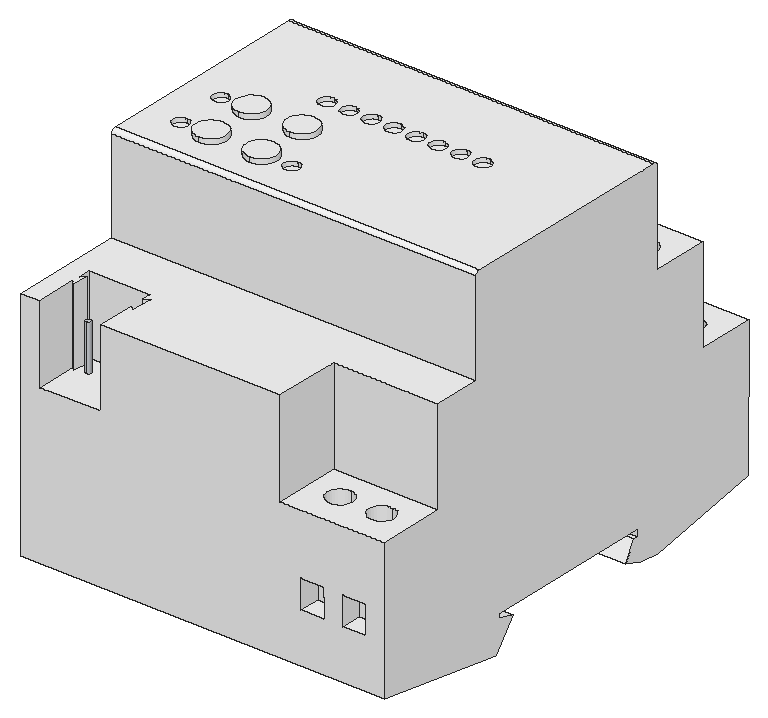
Revit family "Gira_215200", category Electrical Fixtures, host Face, Revit 2017
Family settings
  Host = Face
  Maintain Annotation Orientation = No
  Round Connector Dimension = Use Diameter
  Part Type = Normal
  Cut with Voids When Loaded = No
  Shared = No
  Room Calculation Point = No
Parameters (values of type "Blind act. 2-g AC 230 V man.act. KNX DRA")
  With switch function = no
  Ventilschutzfunktion = no
  URL = "https://www.gira.de/"
  Type of voltage (input voltage) = ""
  Type Comments = ""
  Suitable for C-load = no
  Rated current [Ampere] = 0
  Output voltage [Volt] = ""
  Output current [Ampere] = ""
  Number of outputs = 0
  Number of inputs = 1
  Number of binary inputs = 0
  Model = ""
  Max. number of venetian-blind outputs = 2
  Max. number of switching contacts = 0
  Manufacturer = "Gira"
  Handschaltung = no
  Local operation/hand operation = yes
  Keynote = ""
  Input voltage [Volt] = ""
  HeinzeBIM = "https://www.heinze.de/bim/blind-act-2-g-ac-230-v-man-act-knx-dra/c8694f7b93b908f3b3b3d568cfa335842c72573b"
  HAN = "215200"
  GTIN = "4010337082231"
  Description = "Blind act.2g AC 230V DRA KNX KNX blind actuator, 2-gang AC 230 V with manual actuation,DRA plus Blind actuators with integrated bus coupler, manual activation, and status display for each output. For controlling electrically operated blinds, shutters, awnings, ventilation flaps, or similar hangings.,Features: - Curtain position can be directly controlled. - Slat position can be directly controlled. - Behaviour after bus voltage failure and recovery can be set. - Separately parameterisable movement times with movement time extension for moving into the upper end position. - Central control of all blind outputs possible. - Feedback of the curtain position or slat position. - Feedback can be delayed until after the recovery of bus voltage. - Assignments of up to five different safety functions (three wind alarms, one rain alarm, one frost alarm) or optionally with cyclical monitoring. - Forced setting function can be realised for each blind output. - Integration in scenes is possible, 8 internal scenes at the most can be parameterised per channel. - Memory function for light scenes. - Sun protection function with fixed and variable curtain or slat positions can be activated. - Extended sun protection with extensive control functions. - Integration in temperature management of building possible. - Blocking of individual outputs manually or with bus. - Active or passive (object can be read out) cyclical feedback functions. - Building site operation: Outputs can be operated manually without bus voltage with operating voltage only. - For mains voltage AC 230 V. - Connection of various external conductors. - Independent control of the two blind outputs. - Automatic curtain moving time detection for AC 230 V drives with mechanical stop position switches.,Notes : - Installation on DIN top-hat rail."
  Default Elevation = 1219.2 mm
  Cost = 0
  Stellgröße schaltend = no
  Stellgröße stetig = no
  Bus connection included = yes
  BIMSITE_PRODUCT_ID = "c8694f7b93b908f3b3b3d568cfa335842c72573b"
  BIM = "https://media.live.bim.site/t/eyJhbGciOiJIUzI1NiIsInR5cCI6IkpXVCJ9.eyJjdCI6MSwidGYiOiJwdWJsaWMvZ2lyYS8wOWY1ZGI1L1JFRyA4Zi5yZmEiLCJjaWQiOiJmZWQ5OGU5YS0xYmQ4LTRjNjgtYTczYi03NGE5NGUzMTU4MjMiLCJyaWQiOiI2OWRkYmRlYTJkYzlmOWJkYTg4ODk1MjA2ODZhYjg3NCIsInBpZCI6ImM4Njk0ZjdiOTNiOTA4ZjNiM2IzZDU2OGNmYTMzNTg0MmM3MjU3M2IiLCJzaWQiOiI2MzQ3MCIsInV0Ijo1LCJsYyI6ImVuIiwiaWF0IjoxNjA3NDM3MjAzLCJpc3MiOiJodHRwczovL2FwaS5saXZlLmJpbS5zaXRlIiwic3ViIjoiOGQzYWE1Y2ItZTA2Ni00NTk4LWJlMTYtNmUxNmVlNzQ5NTZhIn0.HsGWF5bVaQ2an-vrWAqlosekpOL5Mn447Fryb1VE_Gg/REG 8f.rfa"
  Assembly Code = ""
Reference planes
  plane 1 "Center (Front/Back)": y = 0
  plane 2: z = 0
  plane 3 "Center (Left/Right)": x = 0
Forms (mm)
  Extrusion 1, solid, material "White", detail levels fine
    sketch origin (0, 0, 0) x (0, 1, 0) y (0, 0, 1)
      loop
        line (45.125, -2.619) -> (45.125, 24.95) -> (33.875, 24.95) -> (33.875, 43.8) -> (22.575, 43.8) -> (22.575, 62.05)
        arc (22.575, 62.05) -> (22.311, 62.686) -> (21.675, 62.95) r 0.9
        line (21.675, 62.95) -> (-21.175, 62.95)
        arc (-21.175, 62.95) -> (-21.785, 62.758) -> (-22.175, 62.25) r 1.064
        line (-22.175, 62.25) -> (-22.175, 43.8) -> (-44.725, 43.8) -> (-44.725, -2.619)
        arc (-44.725, -2.619) -> (-31.081, -5.433) -> (-17.243, -7.049) r 160
        line (-17.243, -7.049) -> (-13.165, -1.734) -> (-16.399, -0.807) -> (-16.399, 0) -> (17.8, 0) -> (17.8, -1.4) -> (16.8, -1.4) -> (14.749, -4.952)
        arc (14.749, -4.952) -> (18.64, -6.184) -> (22.7, -6.6) r 20
        arc (22.7, -6.6) -> (33.983, -5.009) -> (45.125, -2.619) r 160
    from -36 to 36
  Extrusion 2, void, detail levels fine
    sketch origin (0, 0, 0) x (1, 0, 0) y (0, 1, 0)
      loop
        circle (30, 26.925) r 2.55
      loop
        circle (21.75, 26.925) r 2.55
      loop
        circle (12.75, 26.925) r 2.55
      loop
        circle (4.5, 26.925) r 2.55
      loop
        circle (-4.5, 26.925) r 2.55
      loop
        circle (-12.75, 26.925) r 2.55
      loop
        circle (-21.75, 26.925) r 2.55
      loop
        circle (-30, 26.925) r 2.55
    from 37.936 to 43.8
  Extrusion 3, void, detail levels fine
    sketch origin (0, 11.25, -18.85) x (1, 0, 0) y (0, 1, 0)
      loop
        circle (30, 26.925) r 2.55
      loop
        circle (21.75, 26.925) r 2.55
      loop
        circle (12.75, 26.925) r 2.55
      loop
        circle (4.5, 26.925) r 2.55
      loop
        circle (-4.5, 26.925) r 2.55
      loop
        circle (-12.75, 26.925) r 2.55
      loop
        circle (-21.75, 26.925) r 2.55
      loop
        circle (-30, 26.925) r 2.55
    from 37.936 to 43.8
  Extrusion 4, void, detail levels fine
    sketch origin (0, 0, 0) x (1, 0, 0) y (0, 1, 0)
      loop
        circle (-13, -3.875) r 3
      loop
        circle (-23, -3.875) r 3
      loop
        circle (-23, -13.875) r 3
      loop
        circle (-13, -13.875) r 3
      loop
        circle (-29, -3.875) r 1.575
      loop
        circle (-29, -13.875) r 1.575
      loop
        circle (-7, -13.875) r 1.575
      loop
        circle (-15.4, 5.325) r 1.625
      loop
        circle (-11, 5.325) r 1.575
      loop
        circle (-6.6, 5.325) r 1.625
      loop
        circle (-2.2, 5.325) r 1.625
      loop
        circle (2.2, 5.325) r 1.625
      loop
        circle (6.6, 5.325) r 1.625
      loop
        circle (11, 5.325) r 1.575
      loop
        circle (15.4, 5.325) r 1.625
    from 58.253 to 62.95
  Extrusion 5, void, detail levels fine
    sketch origin (0, 0, 0) x (1, 0, 0) y (0, 1, 0)
      loop
        line (-32.175, -32.6) -> (-32.175, -34.9) -> (-31.24, -34.36) -> (-31.401, -37.165) -> (-32.175, -36.7) -> (-32.175, -44.875) -> (-20.175, -44.875) -> (-20.175, -37.33) -> (-19.075, -37.965) -> (-19.075, -33.635) -> (-20.175, -34.27) -> (-20.175, -32.6) -> (-32.175, -32.6)
    from 28.5 to 43.8
  Extrusion 6, solid, detail levels fine
    sketch origin (0, 0, 0) x (1, 0, 0) y (0, 1, 0)
      loop
        circle (-29.375, -36.2) r 0.5
      loop
        circle (-23.575, -36.2) r 0.5
    from 28.5 to 37.5
  Extrusion 7, void, detail levels fine
    sketch origin (0, 0, 0) x (1, 0, 0) y (0, 1, 0)
      loop
        line (15.289, -31.489) -> (15.289, -44.875) -> (36, -44.875) -> (36, -31.489) -> (15.289, -31.489)
    from 25 to 43.8
  Extrusion 8, void, detail levels fine
    sketch origin (0, 0, 0) x (1, 0, 0) y (0, 1, 0)
      loop
        circle (21.75, -37.925) r 2.55
      loop
        circle (30, -37.925) r 2.55
    from 19.086 to 24.95
  Extrusion 9, void, detail levels fine
    sketch origin (0, 0, 0) x (1, 0, 0) y (0, 0, 1)
      loop
        line (32.368, 26.75) -> (32.35, 28.865) -> (32.319, 32.45) -> (27.731, 32.45) -> (27.682, 26.75) -> (32.368, 26.75)
      loop
        line (24.118, 26.75) -> (24.1, 28.865) -> (24.069, 32.45) -> (19.481, 32.45) -> (19.432, 26.75) -> (24.118, 26.75)
      loop
        line (15.118, 26.75) -> (15.1, 28.865) -> (15.069, 32.45) -> (10.481, 32.45) -> (10.432, 26.75) -> (15.118, 26.75)
      loop
        line (6.868, 26.75) -> (6.85, 28.865) -> (6.819, 32.45) -> (2.231, 32.45) -> (2.182, 26.75) -> (6.868, 26.75)
      loop
        line (-2.182, 26.75) -> (-2.2, 28.865) -> (-2.231, 32.45) -> (-6.819, 32.45) -> (-6.868, 26.75) -> (-2.182, 26.75)
      loop
        line (-10.432, 26.75) -> (-10.45, 28.865) -> (-10.481, 32.45) -> (-15.069, 32.45) -> (-15.118, 26.75) -> (-10.432, 26.75)
      loop
        line (-19.35, 26.75) -> (-19.369, 28.865) -> (-19.4, 32.45) -> (-23.987, 32.45) -> (-24.037, 26.75) -> (-19.35, 26.75)
      loop
        line (-27.682, 26.75) -> (-27.7, 28.865) -> (-27.731, 32.45) -> (-32.319, 32.45) -> (-32.368, 26.75) -> (-27.682, 26.75)
    from -29.206 to -33.875
  Extrusion 10, void, detail levels fine
    sketch origin (0, 11.25, -19.567) x (1, 0, 0) y (0, 0, 1)
      loop
        line (32.368, 26.75) -> (32.35, 28.865) -> (32.319, 32.45) -> (27.731, 32.45) -> (27.682, 26.75) -> (32.368, 26.75)
      loop
        line (24.118, 26.75) -> (24.1, 28.865) -> (24.069, 32.45) -> (19.481, 32.45) -> (19.432, 26.75) -> (24.118, 26.75)
      loop
        line (15.118, 26.75) -> (15.1, 28.865) -> (15.069, 32.45) -> (10.481, 32.45) -> (10.432, 26.75) -> (15.118, 26.75)
      loop
        line (6.868, 26.75) -> (6.85, 28.865) -> (6.819, 32.45) -> (2.231, 32.45) -> (2.182, 26.75) -> (6.868, 26.75)
      loop
        line (-2.182, 26.75) -> (-2.2, 28.865) -> (-2.231, 32.45) -> (-6.819, 32.45) -> (-6.868, 26.75) -> (-2.182, 26.75)
      loop
        line (-10.432, 26.75) -> (-10.45, 28.865) -> (-10.481, 32.45) -> (-15.069, 32.45) -> (-15.118, 26.75) -> (-10.432, 26.75)
      loop
        line (-19.35, 26.75) -> (-19.369, 28.865) -> (-19.4, 32.45) -> (-23.987, 32.45) -> (-24.037, 26.75) -> (-19.35, 26.75)
      loop
        line (-27.682, 26.75) -> (-27.7, 28.865) -> (-27.731, 32.45) -> (-32.319, 32.45) -> (-32.368, 26.75) -> (-27.682, 26.75)
    from -29.206 to -33.875
  Extrusion 11, void, detail levels fine
    sketch origin (0, 0, 0) x (1, 0, 0) y (0, 0, 1)
      loop
        line (32.319, 12.883) -> (27.731, 12.883) -> (27.682, 7.183) -> (32.368, 7.183) -> (32.35, 9.298) -> (32.319, 12.883)
      loop
        line (24.069, 12.883) -> (19.481, 12.883) -> (19.432, 7.183) -> (24.118, 7.183) -> (24.1, 9.298) -> (24.069, 12.883)
    from 40.588 to 44.725
  Extrusion 12, solid, material "White", detail levels fine
    sketch origin (0, 0, 0) x (1, 0, 0) y (0, 1, 0)
      loop
        circle (-15.4, 5.325) r 1.625
      loop
        circle (-11, 5.325) r 1.575
      loop
        circle (-6.6, 5.325) r 1.625
      loop
        circle (-2.2, 5.325) r 1.625
      loop
        circle (2.2, 5.325) r 1.625
      loop
        circle (6.6, 5.325) r 1.625
      loop
        circle (11, 5.325) r 1.575
      loop
        circle (15.4, 5.325) r 1.625
      loop
        circle (-29, -3.875) r 1.575
      loop
        circle (-29, -13.875) r 1.575
      loop
        circle (-7, -13.875) r 1.575
    from 58.253 to 62.25
  Extrusion 13, solid, material "White", detail levels fine
    sketch origin (0, 0, 0) x (1, 0, 0) y (0, 1, 0)
      loop
        circle (-23, -3.875) r 3
      loop
        circle (-13, -3.875) r 3
      loop
        circle (-23, -13.875) r 3
      loop
        circle (-13, -13.875) r 3
    from 58.253 to 63.841
  Extrusion 14, solid, material "White", detail levels medium
    sketch origin (0, 0, 0) x (0, 1, 0) y (0, 0, 1)
      loop
        line (45.125, -7.049) -> (45.125, 24.95) -> (33.875, 24.95) -> (33.875, 43.8) -> (22.575, 43.8) -> (22.575, 63.841) -> (-22.175, 63.841) -> (-22.175, 43.8) -> (-44.725, 43.8) -> (-44.725, -7.049) -> (45.125, -7.049)
    from -36 to 36
  Extrusion 15, solid, material "White", detail levels coarse
    sketch origin (0, 0, 0) x (0, 1, 0) y (0, 0, 1)
      loop
        line (45.125, -7.049) -> (45.125, 63.841) -> (-44.725, 63.841) -> (-44.725, -7.049) -> (45.125, -7.049)
    from -36 to 36
Cuts and joins
  Extrusion 2, Extrusion 3, Extrusion 4, Extrusion 5, Extrusion 7, Extrusion 8, Extrusion 9, Extrusion 10, Extrusion 11 cuts Extrusion 1
Dimensions and locks
  aligned and locked: plane 2 to host face
  aligned and locked: level to host face
